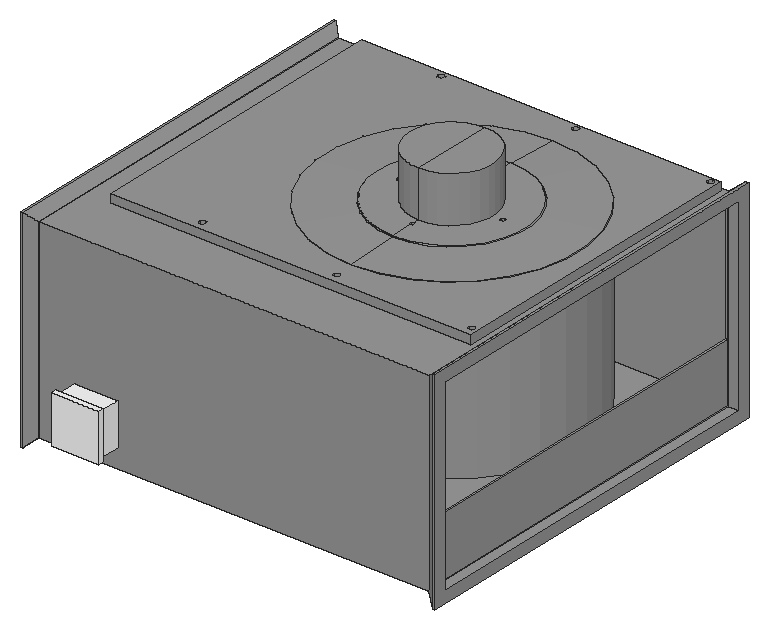
Revit family "RKB 700x400 E3 EC_7480105", category Mechanical Equipment, Revit 2014
Parameters (values of type "RKB 700X400 E3 EC")
  Wiring diagram = "4040147"
  Width = 787 mm
  Weight = 43.40 kg
  Voltage range = "380-480 V"
  Voltage = 400 V
  Speed = "2130 rpm"
  Sound pressure level at 3 m = "72 dB(A)"
  Power = 2420 W
  Phase = 3
  Max. temperature of transported air when speed controlled = 60 °C
  Max. temperature of transported air = 60 °C
  Main Material = Steel, Galvanized
  Height = 493 mm
  Frequency = 50 Hz
  Elevation [instance] = 2600 mm
  Description = "UNINSULATED DUCT FANS WITH RECTANGULAR CONNECTIONS"
  Depth = 743 mm
  Current = 3.68 A
  Connector Height = 400 mm
  Connector Width = 700 mm
  Capacitor = "- μF"
Reference planes
  plane 1 "Center (Front/Back)": y = 0
  plane 2: z = 0
  plane 3 "Center (Left/Right)": x = 0
  plane 4: x = -393.5
  plane 5: x = 393.5
  plane 6: y = 371.5
  plane 7: y = -371.5
  plane 8: z = 2600
  plane 9: z = 3093
Dimensions and locks
  equal spacing: plane 4, plane 3 "Center (Left/Right)", plane 5
  "Width": plane 4 to plane 5
  equal spacing: plane 6, plane 1 "Center (Front/Back)", plane 7
  "Depth": plane 6 to plane 7
  "Elevation": plane 8 to level
  "Height": plane 9 to plane 8
  aligned and locked: level to plane 2
  aligned and locked: nested 1 to plane 1 "Center (Front/Back)"
  aligned and locked: plane 1 "Center (Front/Back)" to nested 2
  aligned and locked: plane 3 "Center (Left/Right)" to nested 2
  aligned and locked: nested 2 to plane 8
  aligned and locked: plane 3 "Center (Left/Right)" to nested 1
Nested families
  nested 1: "Flow direction symbol" at (0, 0, 0), type "Flow direction symbol"
  nested 2: "RKB" at (0, 0, 2613.5), type "RKB"
Connectors
  electrical at (-262.218, -405.269, 2692.5), driven by "Phase", driven by "Voltage", driven by "Power"
    settings: on nested 2, index 3, voltage 400 V, apparent load 0 VA, apparent load phase1 2420 VA, apparent load phase2 0 VA, apparent load phase3 0 VA, power factor 1, load classification "HVAC", number of poles 3, system type 31, power factor state 1, is connector primary yes, connector utility no, sub classification motor no, connector description ""
  hvac at (-393.5, 0, 2800), driven by "Connector Height", driven by "Connector Width"
    settings: on nested 2, index 4, duct flow 0.0 L/s, flow factor 0, pres drop 0.0 Pa, loss coef 0, conn angle 0.00°, conn width 700 mm, conn height 400 mm, conn diameter 609.6 mm, duct sys type 1, conn prof type 1, flow config 0, flow direction 1, loss method 0, conn ref index -1, conn util no, is conn primary yes, conn desc ""
  hvac at (299.769, 0, 2786.5), driven by "Connector Height", driven by "Connector Width"
    settings: on nested 2, index 5, duct flow 0.0 L/s, flow factor 0, pres drop 0.0 Pa, loss coef 0, conn angle 0.00°, conn width 700 mm, conn height 400 mm, conn diameter 609.6 mm, duct sys type 3, conn prof type 1, flow config 0, flow direction 2, loss method 0, conn ref index -1, conn util no, is conn primary no, conn desc ""
Definition of nested family "RKB"
  Parameters (values of type "RKB")
    Width = 787 mm
    Main Material = Steel, Galvanized
    Height = 493 mm
    Description = ""
    Depth = 743 mm
    Connector Width = 700 mm
    Connector Heigth = 400 mm
  Reference planes
    plane 1 "Center (Front/Back)": y = 0
    plane 2: z = 0
    plane 3 "Center (Left/Right)": x = 0
    plane 4: x = -393.5
    plane 5: x = 393.5
    plane 6: y = 371.5
    plane 7: y = -371.5
    plane 8: z = 373
    plane 9: z = 119
    plane 10: x = -107.218
    plane 11: z = 186.5
    plane 12: z = 386.5
    plane 13: z = -13.5
    plane 14: y = 350
    plane 15: y = -350
    plane 16: z = 61.5
    plane 17: z = 493
    plane 18: x = 87.698
    plane 19: y = 50.08
  Forms (mm)
    Sweep 1, solid, material "Steel, Galvanized" <- "Main Material", detail levels medium+fine
      path origin (-393.5, 864.407, 1200) x (0, 1, 0) y (0, 0, 1)
        loop
          line (-492.907, -1213.5) -> (-492.907, -813.5) -> (-1235.907, -813.5) -> (-1235.907, -1213.5) -> (-492.907, -1213.5)
      profile origin (-393.5, 371.5, 186.5) x (0, -1, 0) y (1, 0, 0)
        loop
          line (22.203, 21.231) -> (16.231, 21.231) -> (0, 5) -> (0, 0) -> (22.203, 0) -> (22.203, 21.231)
    Sweep 2, solid, material "Steel, Galvanized" <- "Main Material", detail levels medium+fine
      path origin (393.5, 864.407, 1200) x (0, 1, 0) y (0, 0, 1)
        loop
          line (-492.907, -1213.5) -> (-492.907, -813.5) -> (-1235.907, -813.5) -> (-1235.907, -1213.5) -> (-492.907, -1213.5)
      profile origin (393.5, 371.5, 186.5) x (0, -1, 0) y (1, 0, 0)
        loop
          line (22.203, -24.231) -> (22.203, 0) -> (0, 0) -> (0, -5) -> (16.231, -24.231) -> (22.203, -24.231)
    Revolve 3, solid, material "Steel, Galvanized" <- "Main Material", detail levels medium+fine
      sketch origin (87.698, -19.893, 1332.69) x (0, -1, 0) y (0, 0, 1)
        loop
          line (-69.973, -1281.823) -> (-69.973, -853.19) -> (-148.493, -853.19) -> (-148.493, -941.219) -> (-209.802, -941.219) -> (-210.67, -942.722) -> (-309.973, -946.19) -> (-309.973, -1281.823) -> (-69.973, -1281.823)
        axis (-69.973, -853.19) -> (-69.973, -1281.823)
      angle from 0 to 360
    Sweep 4, void
      path origin (58.902, 8.368, 1200) x (-1, 0, 0) y (0, 0, 1)
        loop
          line (-10.677, -954.203) -> (-10.677, -624.203)
      profile origin (69.579, 8.368, 410.797) x (1, 0, 0) y (0, 1, 0)
        loop
          circle (19.596, 136.159) r 4
        loop
          circle (19.596, -52.735) r 4
        loop
          circle (116.56, 40.128) r 4
        loop
          circle (-80.322, 40.128) r 4
        loop
          circle (279.819, -236.853) r 6
        loop
          circle (23.48, -236.64) r 6
        loop
          circle (-231.52, -236.64) r 6
        loop
          circle (279.819, 329.416) r 6
        loop
          circle (23.48, 329.202) r 6
        loop
          circle (-231.52, 329.202) r 6
    Sweep 5, solid, material "Steel, Galvanized" <- "Main Material", detail levels coarse
      path origin (0, 0, 0) x (1, 0, 0) y (0, 1, 0)
        loop
          line (-393.5, 0) -> (393.5, 0)
      profile origin (0, 0, 0) x (0, 1, 0) y (0, 0, 1)
        loop
          line (371.5, 479.5) -> (-371.5, 479.5) -> (-371.5, -13.5) -> (371.5, -13.5) -> (371.5, 479.5)
    Sweep 6, solid, material "Steel, Galvanized" <- "Main Material", detail levels medium+fine
      path origin (0, 0, 0) x (0, 1, 0) y (0, 0, 1)
        loop
          line (349.297, 2.203) -> (349.297, 122.203)
      profile origin (0, 349.297, 62.203) x (0, -1, 0) y (1, 0, 0)
        loop
          line (0, -372.269) -> (698.595, -372.269) -> (698.595, -369.269) -> (0, -369.269) -> (0, -372.269)
        loop
          line (0, 372.269) -> (0, 369.269) -> (698.595, 369.269) -> (698.595, 372.269) -> (0, 372.269)
    Sweep 7, solid, material "Plastic", detail levels medium+fine
      path origin (-155, 0, 78.041) x (1, 0, 0) y (0, 1, 0)
        loop
          line (-107.218, -355.269) -> (-107.218, -395.269)
      profile origin (-262.218, -375.269, 78.041) x (1, 0, 0) y (0, 0, 1)
        loop
          line (-40, 40.959) -> (-40, -39.041) -> (40, -39.041) -> (40, 40.959) -> (-40, 40.959)
    Sweep 8, solid, material "Plastic", detail levels medium+fine
      path origin (-155, 0, -12.5) x (1, 0, 0) y (0, 1, 0)
        loop
          line (-107.218, -395.269) -> (-107.218, -405.269)
      profile origin (-262.218, -400.269, -12.5) x (1, 0, 0) y (0, 0, 1)
        loop
          line (-45, 136.5) -> (-45, 46.5) -> (45, 46.5) -> (45, 136.5) -> (-45, 136.5)
    Extrusion 9, solid, material "Steel, Galvanized" <- "Main Material"
      sketch origin (0, 0, 0) x (0, 1, 0) y (0, 0, 1)
        loop
          line (349.297, 386.5) -> (-245, 386.5) -> (-245, 370.269) -> (349.297, 370.269) -> (349.297, 386.5)
      from -323.049 to 360
    Extrusion 10, solid, material "Steel, Galvanized" <- "Main Material"
      sketch origin (0, 0, 0) x (0, 1, 0) y (0, 0, 1)
        loop
          line (355.269, 370.269) -> (-355.269, 370.269) -> (-355.269, 2.731) -> (355.269, 2.731) -> (355.269, 370.269)
        loop
          line (349.297, 364.297) -> (-349.297, 364.297) -> (-349.297, 8.703) -> (349.297, 8.703) -> (349.297, 364.297)
      from -372.269 to 372.443
  Cuts and joins
    joined: Sweep 1, Sweep 2
    Sweep 4 cuts Revolve 3
    Sweep 4 cuts Extrusion 9
  Dimensions and locks
    equal spacing: plane 4, plane 3 "Center (Left/Right)", plane 5
    "Width": plane 4 to plane 5
    equal spacing: plane 6, plane 1 "Center (Front/Back)", plane 7
    "Depth": plane 6 to plane 7
    Sweep 4 sketch curve to plane 8 to Sweep 4 sketch curve = 202.797 mm, 127.203 mm
    Sweep 6 sketch curve to plane 2 = 2.203 mm
    Sweep 6 sketch curve to Sweep 6 sketch curve = 120 mm
    locked: plane 6 to Sweep 6 sketch curve at 22.203  (x2)
    locked: plane 4 to Sweep 6 sketch curve at 21.231
    locked: Sweep 6 sketch curve to Sweep 6 sketch curve at 3  (x2)
    locked: Sweep 6 sketch curve to plane 7 at 22.203  (x2)
    locked: Sweep 6 sketch curve to plane 6 at 22.203
    locked: Sweep 6 sketch curve to plane 5 at 21.231
    Sweep 7 sketch curve to plane 7 to Sweep 7 sketch curve = 16.231 mm, 23.769 mm
    plane 7 to Sweep 8 sketch curve to Sweep 8 sketch curve = 23.769 mm, 10 mm locked
    equal spacing: plane 8, plane 11, plane 2
    "Connector Heigth": plane 12 to plane 13
    equal spacing: plane 12, plane 11, plane 13
    "Connector Width": plane 14 to plane 15
    equal spacing: plane 14, plane 1 "Center (Front/Back)", plane 15
    "Height": plane 17 to level
    aligned and locked: level to plane 2
    aligned and locked: Sweep 1 sketch curve to plane 6
    aligned and locked: plane 7 to Sweep 1 sketch curve
    aligned and locked: plane 7 to Sweep 2 sketch curve
    aligned and locked: Sweep 2 sketch curve to plane 6
    aligned and locked: plane 1 "Center (Front/Back)" to Sweep 5 sketch curve
    aligned and locked: plane 7 to Sweep 5 sketch curve
    aligned and locked: Sweep 5 sketch curve to plane 6
    aligned and locked: Sweep 5 to Revolve 3 sketch curve
    aligned and locked: Sweep 1 sketch curve to plane 12
    aligned and locked: plane 13 to Sweep 1 sketch curve
    aligned and locked: Sweep 2 sketch curve to plane 13
    aligned and locked: plane 12 to Sweep 2 sketch curve
    aligned and locked: Extrusion 10 to cut or joined group of Sweep 1, Sweep 2
    aligned and locked: Extrusion 9 to cut or joined group of Sweep 1, Sweep 2
    aligned and locked: Extrusion 10 to Sweep 6
  Automatic sketch dimensions
    Sweep 1 sketch curve to profile plane = 0 mm
    Sweep 1 sketch curve to plane 4 = 0 mm
    Sweep 1 sketch curve to profile plane = 16.231 mm
    Sweep 1 sketch curve to Sweep 1 sketch curve = 5.972 mm
    plane 4 to Sweep 1 sketch curve = 5 mm
    plane 4 to Sweep 1 sketch curve = 21.231 mm
    Sweep 2 sketch curve to profile plane = 0 mm
    Sweep 2 sketch curve to plane 5 = 0 mm
    Sweep 2 sketch curve to profile plane = 16.231 mm
    Sweep 2 sketch curve to Sweep 2 sketch curve = 5.972 mm
    Sweep 2 sketch curve to Sweep 2 sketch curve = 5 mm
    Sweep 2 sketch curve to Sweep 2 sketch curve = 24.231 mm
    Sweep 5 sketch curve to plane 4 = 0 mm
    Sweep 5 sketch curve to plane 5 = 0 mm
    profile plane to Sweep 8 sketch curve = 45 mm
    Sweep 8 sketch curve to profile plane = 45 mm
    level to Sweep 8 sketch curve = 34 mm
    Sweep 8 sketch curve to Sweep 8 sketch curve = 90 mm
    plane 12 to Extrusion 9 sketch curve = 0 mm
    plane 15 to Extrusion 9 sketch curve = 105 mm
    Extrusion 9 sketch curve to plane 14 = 0.703 mm
    Extrusion 9 sketch curve to plane 8 = 2.731 mm
    profile plane to Sweep 7 sketch curve = 40 mm
    Sweep 7 sketch curve to profile plane = 40 mm
    Sweep 7 sketch curve to profile plane = 39.041 mm
    profile plane to Sweep 7 sketch curve = 40.959 mm
    Sweep 5 sketch curve to level = 13.5 mm
    level to Sweep 5 sketch curve = 479.5 mm
    Extrusion 10 sketch curve to plane 15 = 5.269 mm
    plane 15 to Extrusion 10 sketch curve = 0.703 mm
    Extrusion 10 sketch curve to plane 14 = 0.703 mm
    plane 14 to Extrusion 10 sketch curve = 5.269 mm
    level to Extrusion 10 sketch curve = 2.731 mm
    Extrusion 10 sketch curve to Extrusion 10 sketch curve = 5.972 mm  (x2)
    Extrusion 10 sketch curve to plane 8 = 2.731 mm
    plane 4 to Sweep 7 sketch curve = 131.282 mm
    plane 4 to Sweep 8 sketch curve = 131.282 mm
    plane 18 to Sweep 4 sketch curve = 18.119 mm
    profile plane to Sweep 4 sketch curve = 231.52 mm  (x2)
    profile plane to Sweep 4 sketch curve = 40.128 mm  (x2)
    profile plane to Sweep 4 sketch curve = 80.322 mm
    Sweep 4 sketch curve to profile plane = 19.596 mm  (x2)
    Sweep 4 sketch curve to profile plane = 23.48 mm  (x2)
    Sweep 4 sketch curve to Sweep 4 sketch curve = 256.339 mm  (x2)
    Sweep 4 sketch curve to profile plane = 52.735 mm
    Sweep 4 sketch curve to Sweep 4 sketch curve = 183.905 mm
    Sweep 4 sketch curve to profile plane = 236.64 mm
    Sweep 4 sketch curve to profile plane = 236.853 mm
    Sweep 4 sketch curve to Sweep 4 sketch curve = 193.044 mm
    Sweep 4 sketch curve to Sweep 4 sketch curve = 0 mm
    Sweep 4 sketch curve to Sweep 4 sketch curve = 0.214 mm
    Sweep 4 sketch curve to profile plane = 116.56 mm
    profile plane to Sweep 4 sketch curve = 136.159 mm
    Revolve 3 sketch curve to plane 12 = 0 mm
    Revolve 3 sketch curve to plane 19 = 0 mm  (x2)
    Revolve 3 sketch curve to plane 17 = 0 mm
    plane 12 to Revolve 3 sketch curve = 4.971 mm
    plane 19 to Revolve 3 sketch curve = 78.52 mm
    plane 12 to Revolve 3 sketch curve = 3.468 mm
    Revolve 3 sketch curve to Revolve 3 sketch curve = 62.176 mm
    plane 16 to Revolve 3 sketch curve = 10.633 mm
    Revolve 3 sketch curve to plane 14 = 59.92 mm
    Revolve 3 sketch curve to Revolve 3 sketch curve = 0.868 mm
    plane 11 to Revolve 3 sketch curve = 3.892 mm
    radius of Sweep 4 sketch curve = 4 mm  (x4)
    radius of Sweep 4 sketch curve = 6 mm  (x6)
Definition of nested family "Flow direction symbol"
  Parameters (values of type "Flow direction symbol")
    Warning = "!"
    Text = "DIMENSIONS OVERCONSTRAINT"
  Reference planes
    plane 1: y = 0
    plane 2: x = 0
  Lines and regions (mm)
    detail lines
      curve 1: line (-0.506, 0.877, 0) -> (-0.506, -0.877, 0)
      curve 2: line (1.012, 0, 0) -> (-0.506, -0.877, 0)
      curve 3: line (-0.506, 0.877, 0) -> (1.012, 0, 0)
      curve 4: circle (0, 0, 0) r 1 normal (0, 0, 1)
